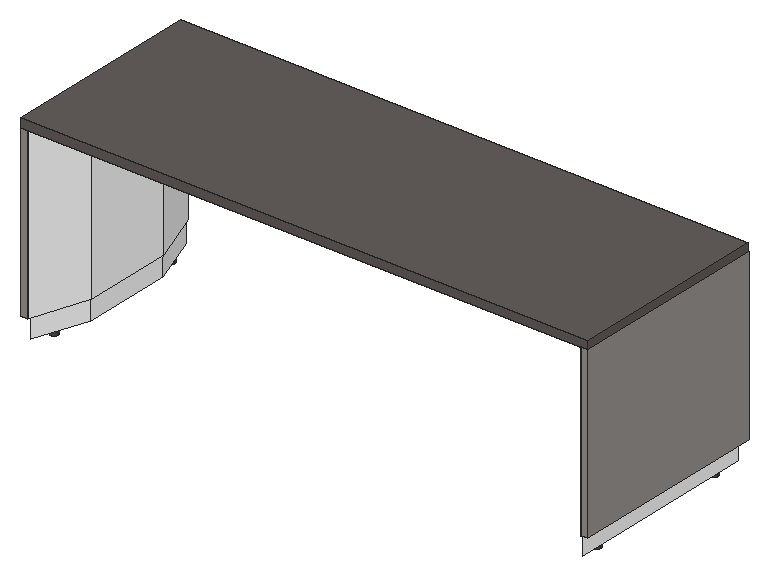
Revit family "Workstations-Multi_Level-Teknion-BH_FB_Height_Adjustable_Desk_Bevel_Base-R2019", category Furniture, Revit 2019 (continued)
Dimensions and locks (in)
  aligned and locked: curve 51 to Sweep 9
  aligned and locked: curve 52 to Sweep 9
  aligned and locked: curve 53 to Sweep 9
  aligned and locked: curve 54 to Sweep 9
  aligned and locked: curve 55 to Sweep 10
  aligned and locked: curve 56 to Sweep 10
  aligned and locked: curve 57 to Sweep 10
  aligned and locked: curve 58 to Sweep 10
  aligned and locked: curve 59 to Sweep 10
  aligned and locked: curve 60 to Sweep 10
  aligned and locked: curve 61 to Sweep 10
  aligned and locked: curve 62 to Sweep 10
  aligned and locked: curve 64 to Sweep 13
  aligned and locked: curve 66 to Sweep 13
  aligned and locked: curve 68 to Sweep 13
  aligned and locked: curve 70 to Sweep 13
  aligned and locked: curve 72 to Sweep 14
  aligned and locked: curve 74 to Sweep 14
  aligned and locked: curve 76 to Sweep 14
  aligned and locked: curve 78 to Sweep 14
  aligned and locked: curve 83 to Sweep 15
  aligned and locked: curve 86 to Sweep 15
  aligned and locked: curve 94 to Sweep 16
  aligned and locked: curve 96 to Sweep 16
  aligned and locked: curve 97 to Sweep 17
  aligned and locked: curve 101 to Sweep 18
  aligned and locked: curve 103 to Sweep 19
  aligned and locked: curve 105 to Sweep 19
  aligned and locked: plane 15 "Right Panel Offset" to Sweep 20 sketch curve
  aligned and locked: plane 14 "Left Panel Offset" to Sweep 20 sketch curve
  aligned and locked: plane 15 "Right Panel Offset" to Sweep 18 sketch curve
  aligned and locked: plane 14 "Left Panel Offset" to Sweep 18 sketch curve
  aligned and locked: plane 15 "Right Panel Offset" to Sweep 15 sketch curve
  aligned and locked: plane 14 "Left Panel Offset" to Sweep 15 sketch curve
  aligned and locked: plane 15 "Right Panel Offset" to Sweep 19 sketch curve
  aligned and locked: plane 14 "Left Panel Offset" to Sweep 19 sketch curve
  aligned and locked: plane 14 "Left Panel Offset" to Sweep 17 sketch curve
  aligned and locked: plane 15 "Right Panel Offset" to Sweep 17 sketch curve
  aligned and locked: plane 14 "Left Panel Offset" to Sweep 16 sketch curve
  aligned and locked: plane 15 "Right Panel Offset" to Sweep 16 sketch curve
  aligned and locked: plane 3 "Center Left/Right" to Sweep 21 sketch curve
  aligned and locked: plane 11 to Sweep 20 sketch curve
  aligned and locked: Sweep 20 sketch curve to plane 10
  aligned and locked: cut or joined group of Sweep 20, Sweep 21 to curve 79
  aligned and locked: curve 81 to cut or joined group of Sweep 20, Sweep 21
  aligned and locked: curve 80 to cut or joined group of Sweep 20, Sweep 21
  aligned and locked: curve 106 to plane 4 "Left"
  aligned and locked: curve 107 to plane 5 "Right"
  aligned and locked: Sweep 16 sketch curve to plane 11
  aligned and locked: Sweep 6 to Sweep 25 sketch curve
  aligned and locked: Sweep 6 to Sweep 28 sketch curve
  aligned and locked: Sweep 6 to Sweep 24 sketch curve
  aligned and locked: Sweep 6 to Sweep 23 sketch curve
  aligned and locked: Sweep 6 to Sweep 22 sketch curve
  aligned and locked: Sweep 6 to Sweep 26 sketch curve
  aligned and locked: curve 108 to Sweep 25
  aligned and locked: curve 109 to Sweep 25
  aligned and locked: curve 110 to Sweep 25
  aligned and locked: curve 111 to Sweep 28
  aligned and locked: curve 112 to Sweep 28
  aligned and locked: curve 113 to Sweep 28
  aligned and locked: curve 114 to Sweep 24
  aligned and locked: curve 115 to Sweep 24
  aligned and locked: curve 116 to Sweep 24
  aligned and locked: curve 117 to Sweep 23
  aligned and locked: curve 118 to Sweep 23
  aligned and locked: curve 119 to Sweep 23
  aligned and locked: curve 120 to Sweep 22
  aligned and locked: curve 121 to Sweep 22
  aligned and locked: curve 122 to Sweep 22
  aligned and locked: curve 123 to Sweep 26
  aligned and locked: curve 124 to Sweep 26
  aligned and locked: curve 125 to Sweep 26
  aligned and locked: curve 126 to Sweep 27
  aligned and locked: curve 127 to Sweep 27
  aligned and locked: curve 128 to Sweep 27
  aligned and locked: curve 129 to Sweep 27
Automatic sketch dimensions
  Sweep 10 sketch curve to Sweep 10 sketch curve = 1.52748"
  Sweep 13 sketch curve to plane 1 "Center Front/Back" = 8.79528"
  curve 106 to plane 7 "Front" = 0.000"
  curve 106 to plane 6 "Back" = 0.000"
  plane 7 "Front" to curve 107 = 0.000"
  curve 107 to plane 6 "Back" = 0.000"
  Sweep 26 sketch curve to plane 3 "Center Left/Right" = 3.68501"
  Sweep 27 sketch curve to plane 3 "Center Left/Right" = 3.62578"
  plane 3 "Center Left/Right" to Sweep 28 sketch curve = 3.18232"
  Sweep 28 sketch curve to Sweep 28 sketch curve = 0.11867"  (x2)
  Sweep 28 sketch curve to Sweep 28 sketch curve = 0.04528"  (x2)
  Sweep 22 sketch curve to plane 3 "Center Left/Right" = 1.64399"
  Sweep 23 sketch curve to plane 3 "Center Left/Right" = 0.06918"
  plane 3 "Center Left/Right" to Sweep 24 sketch curve = 1.50562"
  plane 3 "Center Left/Right" to Sweep 25 sketch curve = 3.08042"
  curve 102 to plane 9 = 0.000"
  curve 82 to curve 93 = 0.10336"
  curve 105 to curve 100 = 0.000"
  curve 103 to curve 100 = 0.000"
  curve 61 to curve 78 = 0.38181"
  curve 103 to curve 104 = 0.000"
  curve 95 to curve 100 = 0.03937"
  radius of Sweep 8 sketch curve = 0.500"  (x4)
Types (7): name | Worksurface Thickness | Side Panel Thickness | Shared Outlets for Regular Powebar and IEC Powerbar | Panel Offset | Model | Integrated Powerbar with IEC Outlet | Integrated Powerbar | Description | Actual Height
  (no name) | 1.193" | 1.016" | yes | 9.000" | "BHMFB29___IE" | no | yes | "Height-Adjustable Desk - Bevel Bases, 1 3/16\" Worksurface Thickness, 29\" Depth, Integrated Powerbar, Extended Range 26\" to 28\"" | 29.000"
  1 3/16" WS Thickness, 29" Depth, Integrated Powerbar | 1.193" | 1.016" | yes | 9.000" | "BHMFB29___IE" | no | yes | "Height-Adjustable Desk - Bevel Bases, 1 3/16\" Worksurface Thickness, 29\" Depth, Integrated Powerbar, Extended Range 26\" to 28\"" | 29.000"
  1 9/16" WS Thickness, 29" Depth, Integrated Powerbar | 1.555" | 1.555" | yes | 10.000" | "BHXFB29___IE" | no | yes | "Height-Adjustable Desk - Bevel Bases, 1 9/16\" Worksurface Thickness, 29\" Depth, Integrated Powerbar, Extended Range 26\" to 28\"" | 29.362"
  1 3/16" WS Thickness, 29" Depth, Integrated Powerbar with IEC Outlet | 1.193" | 1.016" | yes | 9.000" | "BHMFB29___PE" | yes | no | "Height-Adjustable Desk - Bevel Bases, 1 3/16\" Worksurface Thickness, 29\" Depth, Integrated Powerbar with IEC Outlet, Extended Range 26\" to 28\"" | 29.000"
  1 3/16" WS Thickness, 29" Depth, No Powerbar | 1.193" | 1.016" | no | 9.000" | "BHMFB29___NE" | no | no | "Height-Adjustable Desk - Bevel Bases, 1 3/16\" Worksurface Thickness, 29\" Depth, No Powerbar, Extended Range 26\" to 28\"" | 29.000"
  1 9/16" WS Thickness, 29" Depth, Integrated Powerbar with IEC Outlet | 1.555" | 1.555" | yes | 10.000" | "BHXFB29___PE" | yes | no | "Height-Adjustable Desk - Bevel Bases, 1 9/16\" Worksurface Thickness, 29\" Depth, Integrated Powerbar with IEC Outlet, Extended Range 26\" to 28\"" | 29.362"
  1 9/16" WS Thickness, 29" Depth, No Powerbar | 1.555" | 1.555" | no | 10.000" | "BHXFB29___NE" | no | no | "Height-Adjustable Desk - Bevel Bases, 1 9/16\" Worksurface Thickness, 29\" Depth, No Powerbar, Extended Range 26\" to 28\"" | 29.362"
